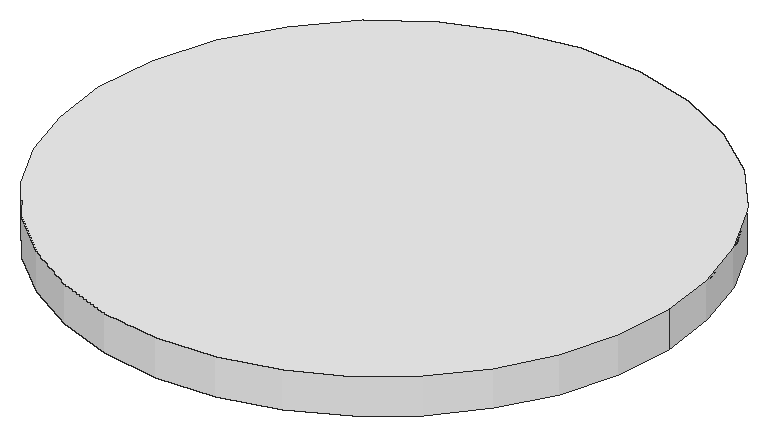
Revit family "THX20NB", category Plumbing Fixtures, host Wall, Revit 2018
Family settings
  Host = Wall
  Round Connector Dimension = Use Diameter
  Part Type = Normal
  OmniClass Number = 23.45.00.00
  OmniClass Title = Sanitary, Laundry, and Cleaning Equipment
  Always vertical = Yes
  Cut with Voids When Loaded = No
  Shared = No
  Room Calculation Point = No
Parameters (values of type "Type 1")
  Water Supply Size = 22 mm
  Operating Water Pressure Min = 0.05 MPa
  Operating Water Pressure Max = 0.4 MPa
  Main Material = "ABS Plastic"
  Finishing = PVC - White
  Connection Type = "G ½"
Reference planes
  plane 1: y = 0
  plane 2 "Center (Left/Right)": x = 125
  plane 3 "Back": y = 150
Forms (mm)
  Extrusion 1, solid
    sketch origin (5228.972, -1051.085, 1000.509) x (-1, 0, 0) y (0, -1, 0)
      loop
        circle (5228.978, -1021.325) r 11
    from -197.009 to -198.377
Text (mm)
  text "Placement side" at (-1787.139, 592.35, 0), in view "Ref. Level"
  text "Placement side" at (0, 1827.695, 2917.686), in view "Left"
  text "Placement side" at (0, 562.268, 3853.606), in view "Right"
Dimensions and locks
  locked: plane 3 "Back" to host wall at 0
Connectors
  piping at (-0.005, -29.761, 802.131), diameter 9.5
    settings: on Extrusion 1, index 2, connector inside diameter 609.6 mm, connector length 0 mm, flow factor 0, pipe flow 0.0 L/min, pressure drop 0.0 MPa, fitting loss kfactor 0, connector angle 0.00°, fixture units 0, engagement length 0 mm, angle of deflection 0.00°, flow configuration 2, flow direction 1, fitting loss method 0, system type 20, joint type 0, gender type 0, connector reference index -1, connector utility 0, adjustable connector no, is connector primary yes, connector description ""
